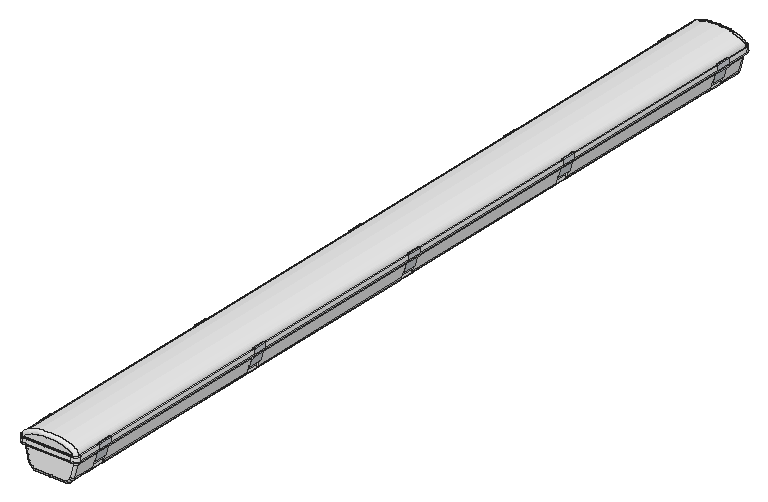
Revit family "0068086", category Lighting Fixtures, host Face, Revit 2017
Family settings
  Host = Face
  Round Connector Dimension = Use Diameter
  Part Type = Normal
  OmniClass Number = 23.80.70.11.14
  OmniClass Title = General Luminaries, Directional
  Cut with Voids When Loaded = Yes
  Light Source = Yes
  Shared = No
  Room Calculation Point = No
Parameters (values of type "0048669 ST Wtrprf T 1500 HO IP65 8300lm 865QC")
  Width = 110 mm
  Weight = "2.51 kg"
  Wattage Comments = "n/a"
  Wattage = 63 W
  WarrantyStartDate [instance] = "n/a"
  WarrantyGuarantorParts = "n/a"
  WarrantyDurationUnit = "n/a"
  WarrantyDurationParts = "n/a"
  WarrantyDescription = "n/a"
  built-in parameter 1150110 = 1 (stored number, unit not read)
  Voltage = 0 V
  URL = "http://www.sylvania-lighting.com"
  TypeName = "START Waterproof T 1500 HO IP65 8300lm 865 QC"
  Type Image = <None>
  Type Comments = "n/a"
  built-in parameter 1114217 = 1 (stored number, unit not read)
  Tilt Angle = -90.00°
  built-in parameter 1150109 = 1 (stored number, unit not read)
  built-in parameter 1150134 = 1
  built-in parameter 1150113 = 1 (stored number, unit not read)
  SerialNumber [instance] = "n/a"
  ReflectorMaterial = none
  PowerFactor = 0.99
  PowerConsumption = "67 W"
  Photometric Web File = "0068086.ies"
  NominalWidth = 0 mm
  NominalLength = 1578 mm
  NominalHeight = 78 mm
  Name = "START Waterproof T 1500 HO IP65 8300lm 865 QC"
  ModelReference = "START Waterproof T 1500 HO IP65 8300lm 865 QC"
  ModelNumber = "0048669"
  Model = "START Waterproof T 1500 HO IP65 8300lm 865 QC"
  Material = "pc polycarbonate housing, pc polycarbonate diffuser"
  ManufacturerName = "Feilo Sylvania"
  Manufacturer = "Feilo Sylvania"
  LuminousEfficacy = "124 lm/W"
  built-in parameter 1150105 = 621.66 (stored number, unit not read)
  Lumens = 7812 lm
  LuminaireType = ""
  built-in parameter 1150115 = 1 (stored number, unit not read)
  LightOutputRatio = "n/a"
  built-in parameter 1150137 = (empty or 0)
  built-in parameter 1150139 = (empty or 0)
  Length = 1572 mm
  LampsType = Lamp  # "LED"
  LampNominalLuminous = "8500 lm"
  LampMacAdamStep = "5"
  LampColourTemperature = "6500 K"
  LampColourRenderingIndex = "80"
  built-in parameter 1150112 = 1 (stored number, unit not read)
  built-in parameter 1150114 = 1 (stored number, unit not read)
  Lamp = "LED"
  Keynote = "16500"
  InstallationDate [instance] = "n/a"
  InputVoltage = "n/a"
  InputNominalFrequency = "n/a"
  built-in parameter 1150132 = (empty or 0)
  built-in parameter 1150102 = (empty or 0)
  built-in parameter 1150107 = 6500 (stored number, unit not read)
  built-in parameter 1150138 = (empty or 0)
  IngressProtection = "IP65"
  ImpactProtectionIndex = "IK08"
  built-in parameter 1150106 = 6.2166 (stored number, unit not read)
  IfcExportType = "IfcLightFixtureType"
  IfcExportAs = "IfcLightFixtureType"
  ExpectedLife = 50000
  Emit from Rectangle Width = Width - 20 mm  # 90 mm
  Emit from Rectangle Length = Length - 20 mm  # 1552 mm
  Emit Shape Visible in Rendering = no
  ElectricShockClassification = "Class I"
  built-in parameter 1150104 = 11.52 (stored number, unit not read)
  DurationUnit = "hours"
  DocumentationLiterature = "http://www.sylvania-lighting.com/product/en-int/products/0048669"
  DimmingControlOptions = "n/a"
  Dimming Lamp Color Temperature Shift = <None>
  DiffuserMaterial = Diffuser-Sylvania-Transparent
  Description = "Start Waterproof, integrated LED weatherproof luminaire, with UV stabilized flat diffuser and linear prisms designed to achieve uniform lit appearance, optimise light output and to reduce glare, stainless steel diffuser clips and fixing brackets for surface and wall mounting. Polycarbonate housing, Polycarbonate diffuser, 8300lm, 67W, 124 lm/W, 4000 K, drive current 1010 mA, non dimmable, 3 hours emergency, CRI 80, IP65, IK08, Class I, nominal average life (h): 50000, 1578mm x 110mm x 78mm, energy class: A++ A+ A, D-mark"
  Default Elevation = 1219.2 mm
  CreatedOn = "7/11/2019"
  CreatedBy = "@sylvania-lighting.com"
  Cost = 0
  Color Filter = 16777215
  built-in parameter 1114216 [instance] = (empty or 0)
  ClassificationValue = "EF_70_80"
  ClassificationName = "Uniclass2015"
  BodyMaterial = Body-Sylvania-Gray
  BarCode [instance] = "n/a"
  built-in parameter 1114218 = 1 (stored number, unit not read)
  built-in parameter 1150133 = 10 (stored number, unit not read)
  AssetType = "Fixed"
  AssetIdentifier [instance] = "n/a"
  Assembly Code = "D5020200"
  Apparent Load = 67 VA
  AccessoryMaterial = Diffuser-Sylvania-Glow
Reference planes
  plane 1 "Center (Front/Back)": y = 0
  plane 2: z = 0
  plane 3 "Center (Left/Right)": x = 0
  plane 4: z = 54
  plane 5: x = -27.7
  plane 6: x = -34.8
  plane 7: x = -39.6
  plane 8: x = -42.2
  plane 9: z = 3
  plane 10: z = 7.8
  plane 11: z = 12.3
  plane 12: z = 36.6
  plane 13: z = 42.8
  plane 14: x = -51.1
  plane 15: z = 46.2
  plane 16: x = -55
  plane 17: y = 786
  plane 18: y = -786
  plane 19: x = 27.7
  plane 20: x = 34.8
  plane 21: x = 39.6
  plane 22: x = 42.2
  plane 23: x = 51.1
  plane 24: x = 55
  plane 25: y = 778.4
  plane 26: y = -778.4
  plane 27: y = -774.7
  plane 28: y = 774.7
  plane 29: z = 74
  plane 30: x = -51.5
  plane 31: x = 51.5
  plane 32: z = 55.2
  plane 33: y = -782.5
  plane 34: y = 782.5
  plane 35: x = -37.5
  plane 36: x = 37.5
  plane 37: x = -48.7
  plane 38: x = 48.7
  plane 39: x = 18
  plane 40: x = -18
  plane 41: z = 50.2
  plane 42: z = 24.6
  plane 43: y = 720
  plane 44: y = 706
  plane 45: y = 734
  plane 46: y = -720
  plane 47: y = 720
  plane 48: y = 706
  plane 49: y = 734
  plane 50: y = -720
  plane 51: y = -734
  plane 52: y = -706
  plane 53: y = 360
  plane 54: y = 346
  plane 55: y = 374
  plane 56: y = 0
  plane 57: y = -14
  plane 58: y = 14
  plane 59: y = -360
  plane 60: y = -374
  plane 61: y = -346
Forms (mm)
  Sweep 1, solid, material "Body-Sylvania-Gray" <- "BodyMaterial", detail levels medium+fine
    path origin (1223.4, -4572, 54) x (0, -1, 0) y (1, 0, 0)
      loop
        arc (-3796, -1278.4) -> (-3788.929, -1275.471) -> (-3786, -1268.4) r 10
        line (-3786, -1268.4) -> (-3786, -1178.4)
        arc (-3786, -1178.4) -> (-3788.929, -1171.329) -> (-3796, -1168.4) r 10
        line (-3796, -1168.4) -> (-5348, -1168.4)
        arc (-5348, -1168.4) -> (-5355.071, -1171.329) -> (-5358, -1178.4) r 10
        line (-5358, -1178.4) -> (-5358, -1268.4)
        arc (-5358, -1268.4) -> (-5355.071, -1275.471) -> (-5348, -1278.4) r 10
        line (-5348, -1278.4) -> (-3796, -1278.4)
    profile origin (-55, 0, 54) x (-1, 0, 0) y (0, 0, 1)
      loop
        line (0, 0) -> (-1, 0) -> (-1, -7.726)
        arc (-1, -7.726) -> (-1.994, -9.498) -> (-3.9, -10.2) r 2.937
        line (-3.9, -10.2) -> (-8.571, -10.2) -> (-8.571, -11.2) -> (-3.9, -11.2)
        arc (-3.9, -11.2) -> (-1.313, -10.231) -> (0, -7.8) r 3.937
        line (0, -7.8) -> (0, 0)
  Sweep 2, solid, material "Body-Sylvania-Gray" <- "BodyMaterial", detail levels medium+fine
    path origin (0, 0, 0) x (1, 0, 0) y (0, 0, 1)
      loop
        line (48.7, 42.8) -> (48.7, 36.6) -> (42.203, 12.31)
        arc (42.203, 12.31) -> (41.199, 9.884) -> (39.6, 7.8) r 10.052
        line (39.6, 7.8) -> (34.8, 3)
        arc (34.8, 3) -> (31.554, 0.781) -> (27.7, 0) r 9.902
        line (27.7, 0) -> (0, 0) -> (-27.7, 0)
        arc (-27.7, 0) -> (-31.554, 0.781) -> (-34.8, 3) r 9.902
        line (-34.8, 3) -> (-39.6, 7.8)
        arc (-39.6, 7.8) -> (-41.199, 9.884) -> (-42.203, 12.31) r 10.052
        line (-42.203, 12.31) -> (-48.7, 36.6) -> (-48.7, 42.8)
    profile origin (0, 0, 0) x (0, 0, -1) y (0, -1, 0)
      loop
        arc (0, 773.4) -> (-1.464, 776.936) -> (-5, 778.4) r 5
        line (-5, 778.4) -> (-7.8, 778.4) -> (-7.8, -778.4) -> (-5, -778.4)
        arc (-5, -778.4) -> (-1.464, -776.936) -> (0, -773.4) r 5
        line (0, -773.4) -> (0, 773.4)
  Extrusion 3, solid, material "Body-Sylvania-Gray" <- "BodyMaterial", detail levels medium+fine
    sketch origin (1524, 778.4, 1219.2) x (1, 0, 0) y (0, 0, 1)
      loop
        arc (-1558.668, -1204.874) -> (-1558.443, -1205.418) -> (-1558.085, -1205.885) r 2.252
        line (-1558.085, -1205.885) -> (-1553.231, -1210.738)
        arc (-1553.231, -1210.738) -> (-1552.534, -1211.227) -> (-1551.7, -1211.4) r 2.102
        line (-1551.7, -1211.4) -> (-1496.3, -1211.4)
        arc (-1496.3, -1211.4) -> (-1495.466, -1211.227) -> (-1494.769, -1210.738) r 2.102
        line (-1494.769, -1210.738) -> (-1489.915, -1205.885)
        arc (-1489.915, -1205.885) -> (-1489.557, -1205.418) -> (-1489.332, -1204.874) r 2.252
        line (-1489.332, -1204.874) -> (-1483.1, -1181.575) -> (-1483.1, -1176.4) -> (-1564.9, -1176.4) -> (-1564.9, -1181.575) -> (-1558.668, -1204.874)
    from 0 to 1556.8
  Sweep 4, solid, material "Diffuser-Sylvania-Transparent" <- "DiffuserMaterial", detail levels medium+fine
    path origin (0, 0, 0) x (1, 0, 0) y (0, 0, 1)
      loop
        spline (-51.5, 55.2) -> (-49.745, 60.066) -> (-44.6, 64.6) -> (-36.416, 68.494) -> (-25.75, 71.481) -> (-13.329, 73.359) -> (0, 74) -> (13.329, 73.359) -> (25.75, 71.481) -> (36.416, 68.494) -> (44.6, 64.6) -> (49.745, 60.066) -> (51.5, 55.2)
    profile origin (51.5, 0, 55.2) x (0, -1, 0) y (1, 0, 0)
      loop
        arc (782.5, -5.5) -> (780.889, -1.611) -> (777, 0) r 5.5
        line (777, 0) -> (-777, 0)
        arc (-777, 0) -> (-780.889, -1.611) -> (-782.5, -5.5) r 5.5
        line (-782.5, -5.5) -> (-782.5, -6.3) -> (-781.5, -6.3) -> (-781.5, -5.5)
        arc (-781.5, -5.5) -> (-780.182, -2.318) -> (-777, -1) r 4.5
        line (-777, -1) -> (777, -1)
        arc (777, -1) -> (780.182, -2.318) -> (781.5, -5.5) r 4.5
        line (781.5, -5.5) -> (781.5, -6.347) -> (782.5, -6.347) -> (782.5, -5.5)
  Extrusion 5, solid, material "Diffuser-Sylvania-Transparent" <- "DiffuserMaterial", detail levels medium+fine
    sketch origin (1524, -782.5, 1219.2) x (1, 0, 0) y (0, 0, 1)
      loop
        line (-1569.653, -1164) -> (-1478.347, -1164)
        spline (-1478.347, -1164) -> (-1478.969, -1162.594) -> (-1482.527, -1159.545) -> (-1489.588, -1156.201) -> (-1499.458, -1153.445) -> (-1511.242, -1151.663) -> (-1524, -1151.049) -> (-1536.758, -1151.663) -> (-1548.542, -1153.445) -> (-1558.412, -1156.201) -> (-1565.473, -1159.545) -> (-1569.031, -1162.594) -> (-1569.653, -1164)
    from 0 to -1
  Extrusion 6, solid, material "Diffuser-Sylvania-Transparent" <- "DiffuserMaterial", detail levels medium+fine
    sketch origin (1524, 782.5, 1219.2) x (1, 0, 0) y (0, 0, 1)
      loop
        spline (-1478.3, -1164) -> (-1478.931, -1162.565) -> (-1482.502, -1159.505) -> (-1489.572, -1156.155) -> (-1499.446, -1153.394) -> (-1511.236, -1151.614) -> (-1524, -1151.007) -> (-1536.764, -1151.614) -> (-1548.554, -1153.394) -> (-1558.428, -1156.155) -> (-1565.498, -1159.505) -> (-1569.069, -1162.565) -> (-1569.7, -1164)
        line (-1569.7, -1164) -> (-1478.3, -1164)
    from 0 to 1
  Extrusion 7, solid, material "Diffuser-Sylvania-Transparent" <- "DiffuserMaterial", detail levels medium+fine
    sketch origin (1223.4, -4572, 55.2) x (0, -1, 0) y (-1, 0, 0)
      loop
        arc (-5353.5, 1177.4) -> (-5352.182, 1174.218) -> (-5349, 1172.9) r 4.5
        line (-5349, 1172.9) -> (-3795, 1172.9)
        arc (-3795, 1172.9) -> (-3791.818, 1174.218) -> (-3790.5, 1177.4) r 4.5
        line (-3790.5, 1177.4) -> (-3790.5, 1269.4)
        arc (-3790.5, 1269.4) -> (-3791.818, 1272.582) -> (-3795, 1273.9) r 4.5
        line (-3795, 1273.9) -> (-5349, 1273.9)
        arc (-5349, 1273.9) -> (-5352.182, 1272.582) -> (-5353.5, 1269.4) r 4.5
        line (-5353.5, 1269.4) -> (-5353.5, 1177.4)
      loop
        line (-5358, 1268.4) -> (-5358, 1178.4)
        arc (-5358, 1178.4) -> (-5355.071, 1171.329) -> (-5348, 1168.4) r 10
        line (-5348, 1168.4) -> (-3796, 1168.4)
        arc (-3796, 1168.4) -> (-3788.929, 1171.329) -> (-3786, 1178.4) r 10
        line (-3786, 1178.4) -> (-3786, 1268.4)
        arc (-3786, 1268.4) -> (-3788.929, 1275.471) -> (-3796, 1278.4) r 10
        line (-3796, 1278.4) -> (-5348, 1278.4)
        arc (-5348, 1278.4) -> (-5355.071, 1275.471) -> (-5358, 1268.4) r 10
    from 0 to 1.2
  Extrusion 8, solid, material "Diffuser-Sylvania-Glow" <- "AccessoryMaterial", detail levels fine
    sketch origin (0, 0, 0) x (1, 0, 0) y (0, 0, 1)
      loop
        circle (-18, 50.2) r 8
      loop
        circle (18, 50.2) r 8
    from -774.7 to 774.7
  Extrusion 9, void
    sketch origin (0, 720, 2343.807) x (0, 0, -1) y (-1, 0, 0)
      loop
        line (2340.807, -37.5) -> (2331.507, -37.5) -> (2319.207, -42.2) -> (2319.207, -48.7) -> (2340.807, -48.7) -> (2340.807, -37.5)
      loop
        line (2340.807, 37.5) -> (2340.807, 48.7) -> (2319.207, 48.7) -> (2319.207, 42.2) -> (2331.507, 37.5) -> (2340.807, 37.5)
    from -14 to 14
  Extrusion 10, solid, material "Body-Sylvania-Gray" <- "BodyMaterial", detail levels coarse
    sketch origin (0, 0, 0) x (1, 0, 0) y (0, 0, 1)
      loop
        line (55, 42.8) -> (55, 55.2) -> (-55, 55.2) -> (-55, 42.791) -> (-42.2, 0) -> (42.2, 0) -> (55, 42.8)
    from -786 to 786
  Extrusion 11, solid, material "Diffuser-Sylvania-Transparent" <- "DiffuserMaterial", detail levels coarse
    sketch origin (0, 0, 0) x (1, 0, 0) y (0, 0, 1)
      loop
        arc (51.5, 55.2) -> (0, 74) -> (-51.5, 55.2) r 79.939
        line (-51.5, 55.2) -> (51.5, 55.2)
    from 778.4 to -778.4
  Extrusion 12, void, not visible
    sketch origin (0, 720, 2343.807) x (0, 0, -1) y (-1, 0, 0)
      loop
        line (2340.807, -37.5) -> (2331.507, -37.5) -> (2319.207, -42.2) -> (2319.207, -48.7) -> (2340.807, -48.7) -> (2340.807, -37.5)
      loop
        line (2340.807, 37.5) -> (2340.807, 48.7) -> (2319.207, 48.7) -> (2319.207, 42.2) -> (2331.507, 37.5) -> (2340.807, 37.5)
    from -14 to 14
  Extrusion 13, void
    sketch origin (0, -720, 2343.807) x (0, 0, -1) y (-1, 0, 0)
      loop
        line (2340.807, -37.5) -> (2331.507, -37.5) -> (2319.207, -42.2) -> (2319.207, -48.7) -> (2340.807, -48.7) -> (2340.807, -37.5)
      loop
        line (2340.807, 37.5) -> (2340.807, 48.7) -> (2319.207, 48.7) -> (2319.207, 42.2) -> (2331.507, 37.5) -> (2340.807, 37.5)
    from -14 to 14
  Extrusion 14, void
    sketch origin (0, 360, 2343.807) x (0, 0, -1) y (-1, 0, 0)
      loop
        line (2340.807, -37.5) -> (2331.507, -37.5) -> (2319.207, -42.2) -> (2319.207, -48.7) -> (2340.807, -48.7) -> (2340.807, -37.5)
      loop
        line (2340.807, 37.5) -> (2340.807, 48.7) -> (2319.207, 48.7) -> (2319.207, 42.2) -> (2331.507, 37.5) -> (2340.807, 37.5)
    from -14 to 14
  Extrusion 15, void
    sketch origin (0, 0, 2343.807) x (0, 0, -1) y (-1, 0, 0)
      loop
        line (2340.807, -37.5) -> (2331.507, -37.5) -> (2319.207, -42.2) -> (2319.207, -48.7) -> (2340.807, -48.7) -> (2340.807, -37.5)
      loop
        line (2340.807, 37.5) -> (2340.807, 48.7) -> (2319.207, 48.7) -> (2319.207, 42.2) -> (2331.507, 37.5) -> (2340.807, 37.5)
    from -14 to 14
  Extrusion 16, void
    sketch origin (0, -360, 2343.807) x (0, 0, -1) y (-1, 0, 0)
      loop
        line (2340.807, -37.5) -> (2331.507, -37.5) -> (2319.207, -42.2) -> (2319.207, -48.7) -> (2340.807, -48.7) -> (2340.807, -37.5)
      loop
        line (2340.807, 37.5) -> (2340.807, 48.7) -> (2319.207, 48.7) -> (2319.207, 42.2) -> (2331.507, 37.5) -> (2340.807, 37.5)
    from -14 to 14
Cuts and joins
  Extrusion 9, Extrusion 13, Extrusion 14, Extrusion 15, Extrusion 16 cuts Sweep 2
  Extrusion 13, Extrusion 14, Extrusion 15, Extrusion 16 cuts Extrusion 3
  joined: Sweep 2, Extrusion 3
  joined: Sweep 4, Extrusion 5, Extrusion 6
Dimensions and locks
  locked: plane 4 to plane 2 at 54
  plane 5 to plane 6 to plane 7 to plane 8 to plane 14 to plane 16 = 7.1 mm locked, 4.8 mm locked, 2.6 mm locked, 8.9 mm, 3.9 mm
  plane 4 to plane 15 to plane 13 to plane 12 to plane 11 to plane 10 to plane 9 = 7.8 mm locked, 3.4 mm, 6.2 mm locked, 24.3 mm locked, 4.5 mm locked, 4.8 mm locked
  equal spacing: plane 18, plane 1 "Center (Front/Back)", plane 17
  "Length": plane 18 to plane 17
  plane 19 to plane 20 to plane 21 to plane 22 to plane 23 to plane 24 = 7.1 mm locked, 4.8 mm locked, 2.6 mm locked, 8.9 mm, 3.9 mm
  equal spacing: plane 24, plane 3 "Center (Left/Right)", plane 16
  "Width": plane 24 to plane 16
  equal spacing: plane 27, plane 1 "Center (Front/Back)", plane 28
  locked: plane 26 to plane 27 at 3.7
  locked: Sweep 1 sketch curve to profile plane at 1
  locked: Sweep 1 sketch curve to plane 13 at 1
  locked: Sweep 1 sketch curve to plane 13 at 3.937  (x2)
  locked: Sweep 1 sketch curve to profile plane at 3.9  (x2)
  locked: plane 29 to plane 4 at 20
  equal spacing: plane 31, plane 3 "Center (Left/Right)", plane 30
  locked: plane 30 to plane 16 at 3.5
  locked: plane 32 to plane 4 at 1.2
  equal spacing: plane 33, plane 1 "Center (Front/Back)", plane 34
  equal spacing: plane 36, plane 3 "Center (Left/Right)", plane 35
  locked: plane 3 "Center (Left/Right)" to plane 35 at 37.5
  locked: plane 34 to plane 17 at 3.5
  equal spacing: plane 38, plane 3 "Center (Left/Right)", plane 37
  locked: plane 37 to plane 16 at 6.3
  equal spacing: plane 25, plane 1 "Center (Front/Back)", plane 26
  locked: plane 17 to plane 25 at 7.6
  locked: Sweep 2 sketch curve to plane 2 at 5  (x2)
  locked: Sweep 2 sketch curve to plane 26 at 5
  locked: plane 25 to Sweep 2 sketch curve at 5
  locked: Sweep 4 sketch curve to plane 31 at 5.5  (x2)
  locked: Sweep 4 sketch curve to plane 34 at 5.5
  plane 33 to Sweep 4 sketch curve = 5.5 mm
  locked: plane 34 to Sweep 4 sketch curve at 1
  locked: Sweep 4 sketch curve to plane 31 at 1
  locked: Sweep 4 sketch curve to Sweep 4 sketch curve at 1
  locked: Sweep 4 sketch curve to plane 31 at 6.347
  locked: Sweep 4 sketch curve to plane 31 at 6.3
  equal spacing: plane 39, plane 3 "Center (Left/Right)", plane 40
  locked: plane 3 "Center (Left/Right)" to plane 40 at 18
  locked: plane 42 to plane 2 at 24.6
  plane 45 to plane 43 to plane 44 = 14 mm locked, 14 mm locked
  locked: plane 17 to plane 43 at 66
  equal spacing: plane 43, plane 1 "Center (Front/Back)", plane 46
  plane 49 to plane 47 to plane 48 = 14 mm locked, 14 mm locked
  plane 52 to plane 50 to plane 51 = 14 mm locked, 14 mm locked  (x2)
  equal spacing: group 1, group 6, group 7, group 8, group 5  (x2)
  equal spacing: group 5, group 8, group 7, group 6, group 1
  plane 55 to plane 53 to plane 54 = 14 mm locked, 14 mm locked  (x2)
  plane 58 to plane 56 to plane 57 = 14 mm locked, 14 mm locked  (x2)
  plane 61 to plane 59 to plane 60 = 14 mm locked, 14 mm locked  (x2)
  plane 43 to plane 53 to plane 1 "Center (Front/Back)" to plane 59 to plane 50 = 360 mm locked, 360 mm locked, 360 mm locked, 360 mm locked
  aligned and locked: plane 2 to host face
  aligned and locked: level to host face
  aligned and locked: plane 16 to Sweep 1 sketch curve
  aligned and locked: Sweep 1 sketch curve to plane 24
  aligned and locked: plane 18 to Sweep 1 sketch curve
  aligned and locked: Sweep 1 sketch curve to plane 13
  aligned and locked: profile plane to Sweep 1 sketch curve
  aligned and locked: plane 3 "Center (Left/Right)" to Sweep 2 sketch curve
  aligned and locked: plane 9 to Sweep 2 sketch curve
  aligned and locked: plane 10 to Sweep 2 sketch curve
  aligned and locked: plane 37 to Sweep 2 sketch curve
  aligned and locked: plane 12 to Sweep 2 sketch curve
  aligned and locked: Sweep 2 sketch curve to level
  aligned and locked: plane 21 to Sweep 2 sketch curve
  aligned and locked: plane 38 to Sweep 2 sketch curve
  aligned and locked: profile plane to Sweep 2 sketch curve
  aligned and locked: plane 25 to Sweep 2 sketch curve
  aligned and locked: Sweep 2 sketch curve to plane 10
  aligned and locked: Extrusion 3 sketch curve to Sweep 2  (x7)
  aligned and locked: Sweep 2 to Extrusion 3 sketch curve
  aligned and locked: Extrusion 3 to plane 25
  aligned and locked: plane 26 to Extrusion 3
  aligned and locked: plane 32 to Sweep 4 sketch curve
  aligned and locked: plane 33 to Sweep 4 sketch curve
  aligned and locked: Sweep 4 to Extrusion 5
  aligned and locked: plane 33 to Extrusion 5
  aligned and locked: Extrusion 5 sketch curve to Sweep 4
  aligned and locked: cut or joined group of Sweep 4, Extrusion 5, Extrusion 6 to Extrusion 6 sketch curve
  aligned and locked: Extrusion 7 sketch curve to cut or joined group of Sweep 4, Extrusion 5, Extrusion 6  (x2)
  aligned and locked: cut or joined group of Sweep 4, Extrusion 5, Extrusion 6 to Extrusion 7 sketch curve  (x2)
  aligned and locked: plane 41 to Extrusion 8 sketch curve  (x2)
  aligned and locked: plane 39 to Extrusion 8 sketch curve
  aligned and locked: plane 27 to Extrusion 8
  aligned and locked: Extrusion 8 to plane 28
  aligned and locked: Extrusion 9 to plane 42
  aligned and locked: plane 9 to Extrusion 9
  aligned and locked: plane 44 to Extrusion 9
  aligned and locked: Extrusion 9 to plane 45
  aligned and locked: Extrusion 7 sketch curve to Sweep 1  (x4)
  aligned and locked: plane 4 to Extrusion 7
  aligned and locked: Extrusion 7 to plane 32
  aligned and locked: nested 2 to plane 43
  aligned and locked: plane 43 to nested 1
  aligned and locked: Extrusion 10 sketch curve to plane 24
  aligned and locked: Extrusion 10 sketch curve to Extrusion 7
  aligned and locked: plane 8 to Extrusion 10 sketch curve
  aligned and locked: plane 22 to Extrusion 10 sketch curve
  aligned and locked: level to Extrusion 10 sketch curve
  aligned and locked: Extrusion 10 to plane 17
  aligned and locked: plane 18 to Extrusion 10
  aligned and locked: cut or joined group of Sweep 4, Extrusion 5, Extrusion 6 to Extrusion 11 sketch curve
  aligned and locked: Extrusion 11 sketch curve to cut or joined group of Sweep 4, Extrusion 5, Extrusion 6  (x2)
  aligned and locked: plane 31 to Extrusion 11 sketch curve
  aligned and locked: plane 30 to Extrusion 11 sketch curve
  aligned and locked: plane 26 to Extrusion 11
  aligned and locked: Extrusion 11 to plane 25
  aligned and locked: imposter light to plane 29
  aligned and locked: plane 3 "Center (Left/Right)" to imposter light
  aligned and locked: plane 1 "Center (Front/Back)" to imposter light
  aligned and locked: plane 51 to Extrusion 13
  aligned and locked: Extrusion 13 to plane 52
  aligned and locked: plane 54 to Extrusion 14
  aligned and locked: Extrusion 14 to plane 55
  aligned and locked: plane 57 to Extrusion 15
  aligned and locked: Extrusion 15 to plane 58
  aligned and locked: plane 60 to Extrusion 16
  aligned and locked: Extrusion 16 to plane 61
  aligned and locked: nested 3 to plane 53
  aligned and locked: plane 53 to nested 10
  aligned and locked: nested 4 to plane 56
  aligned and locked: plane 56 to nested 9
  aligned and locked: nested 5 to plane 59
  aligned and locked: plane 59 to nested 8
  aligned and locked: nested 6 to plane 50
  aligned and locked: plane 50 to nested 7
Automatic sketch dimensions
  host sketch curve to host sketch curve = 2438.4 mm  (x2)
  plane 17 to Sweep 1 sketch curve = 0 mm
  Sweep 1 sketch curve to plane 28 = 1.3 mm
  Sweep 1 sketch curve to plane 7 = 5.4 mm
  plane 27 to Sweep 1 sketch curve = 1.3 mm  (x2)
  Sweep 1 sketch curve to Sweep 1 sketch curve = 4.671 mm
  Sweep 1 sketch curve to plane 4 = 0 mm
  Sweep 2 sketch curve to plane 7 = 0 mm
  Sweep 2 sketch curve to plane 6 = 0 mm
  Sweep 2 sketch curve to plane 5 = 0 mm
  plane 19 to Sweep 2 sketch curve = 0 mm
  Sweep 2 sketch curve to plane 9 = 0 mm
  plane 20 to Sweep 2 sketch curve = 0 mm
  Sweep 2 sketch curve to plane 12 = 0 mm
  Sweep 2 sketch curve to plane 10 = 0 mm
  Sweep 2 sketch curve to plane 13 = 0 mm  (x2)
  Sweep 2 sketch curve to plane 8 = 0.003 mm
  plane 6 to Sweep 2 sketch curve = 2.308 mm
  plane 20 to Sweep 2 sketch curve = 2.308 mm
  Sweep 2 sketch curve to plane 22 = 0.003 mm
  Sweep 2 sketch curve to plane 11 = 0.01 mm  (x2)
  Extrusion 3 sketch curve to plane 5 = 0 mm
  plane 19 to Extrusion 3 sketch curve = 0 mm
  plane 6 to Extrusion 3 sketch curve = 0.132 mm
  plane 6 to Extrusion 3 sketch curve = 0.715 mm
  Extrusion 3 sketch curve to Extrusion 3 sketch curve = 1.592 mm
  Extrusion 3 sketch curve to plane 10 = 0.662 mm  (x2)
  plane 20 to Extrusion 3 sketch curve = 2.308 mm
  plane 20 to Extrusion 3 sketch curve = 0.715 mm
  plane 20 to Extrusion 3 sketch curve = 0.132 mm
  Sweep 4 sketch curve to plane 30 = 0 mm
  Sweep 4 sketch curve to plane 3 "Center (Left/Right)" = 0 mm
  Sweep 4 sketch curve to Sweep 4 sketch curve = 0 mm  (x2)
  plane 37 to Extrusion 5 sketch curve = 3.047 mm
  Extrusion 5 sketch curve to plane 38 = 3.047 mm
  plane 37 to Extrusion 6 sketch curve = 3 mm
  Extrusion 6 sketch curve to plane 38 = 3 mm
  plane 25 to Extrusion 7 sketch curve = 1.4 mm  (x2)
  Extrusion 7 sketch curve to plane 26 = 1.4 mm  (x2)
  Extrusion 8 sketch curve to plane 40 = 0 mm
  Extrusion 9 sketch curve to Extrusion 9 sketch curve = 0 mm
  Extrusion 9 sketch curve to Extrusion 9 sketch curve = 12.3 mm  (x2)
  Extrusion 9 sketch curve to Extrusion 9 sketch curve = 9.3 mm  (x2)
  Extrusion 9 sketch curve to Extrusion 9 sketch curve = 6.5 mm
  Extrusion 9 sketch curve to Extrusion 9 sketch curve = 4.7 mm  (x2)
  Extrusion 9 sketch curve to Extrusion 9 sketch curve = 75 mm
  Extrusion 9 sketch curve to Extrusion 9 sketch curve = 11.2 mm
  Extrusion 10 sketch curve to plane 13 = 0 mm
  plane 13 to Extrusion 10 sketch curve = 0.009 mm
  Extrusion 11 sketch curve to level = 5.939 mm
  Extrusion 10 sketch curve to plane 16 = 0 mm
  Extrusion 12 sketch curve to Extrusion 12 sketch curve = 0 mm
  Extrusion 12 sketch curve to Extrusion 12 sketch curve = 12.3 mm  (x2)
  Extrusion 12 sketch curve to Extrusion 12 sketch curve = 9.3 mm  (x2)
  Extrusion 12 sketch curve to Extrusion 12 sketch curve = 6.5 mm
  Extrusion 12 sketch curve to Extrusion 12 sketch curve = 4.7 mm  (x2)
  Extrusion 12 sketch curve to Extrusion 12 sketch curve = 75 mm
  Extrusion 12 sketch curve to Extrusion 12 sketch curve = 11.2 mm
  Extrusion 13 sketch curve to Extrusion 13 sketch curve = 0 mm
  Extrusion 13 sketch curve to Extrusion 13 sketch curve = 12.3 mm  (x2)
  Extrusion 13 sketch curve to Extrusion 13 sketch curve = 9.3 mm  (x2)
  Extrusion 13 sketch curve to Extrusion 13 sketch curve = 6.5 mm
  Extrusion 13 sketch curve to Extrusion 13 sketch curve = 4.7 mm  (x2)
  Extrusion 13 sketch curve to Extrusion 13 sketch curve = 75 mm
  Extrusion 13 sketch curve to Extrusion 13 sketch curve = 11.2 mm
  Extrusion 14 sketch curve to Extrusion 14 sketch curve = 0 mm
  Extrusion 14 sketch curve to Extrusion 14 sketch curve = 12.3 mm  (x2)
  Extrusion 14 sketch curve to Extrusion 14 sketch curve = 9.3 mm  (x2)
  Extrusion 14 sketch curve to Extrusion 14 sketch curve = 6.5 mm
  Extrusion 14 sketch curve to Extrusion 14 sketch curve = 4.7 mm  (x2)
  Extrusion 14 sketch curve to Extrusion 14 sketch curve = 75 mm
  Extrusion 14 sketch curve to Extrusion 14 sketch curve = 11.2 mm
  Extrusion 15 sketch curve to Extrusion 15 sketch curve = 0 mm
  Extrusion 15 sketch curve to Extrusion 15 sketch curve = 12.3 mm  (x2)
  Extrusion 15 sketch curve to Extrusion 15 sketch curve = 9.3 mm  (x2)
  Extrusion 15 sketch curve to Extrusion 15 sketch curve = 6.5 mm
  Extrusion 15 sketch curve to Extrusion 15 sketch curve = 4.7 mm  (x2)
  Extrusion 15 sketch curve to Extrusion 15 sketch curve = 75 mm
  Extrusion 15 sketch curve to Extrusion 15 sketch curve = 11.2 mm
  Extrusion 16 sketch curve to Extrusion 16 sketch curve = 0 mm
  Extrusion 16 sketch curve to Extrusion 16 sketch curve = 12.3 mm  (x2)
  Extrusion 16 sketch curve to Extrusion 16 sketch curve = 9.3 mm  (x2)
  Extrusion 16 sketch curve to Extrusion 16 sketch curve = 6.5 mm
  Extrusion 16 sketch curve to Extrusion 16 sketch curve = 4.7 mm  (x2)
  Extrusion 16 sketch curve to Extrusion 16 sketch curve = 75 mm
  Extrusion 16 sketch curve to Extrusion 16 sketch curve = 11.2 mm
  radius of Extrusion 8 sketch curve = 8 mm  (x2)
Nested families
  nested 1: "Clip" at (42.2, 720, 24.6), type "Clip", detail levels fine
  nested 2: "Clip" at (-42.2, 720, 24.6) x (-1, 0, 0) z (0, 0, 1), type "Clip", detail levels fine
  nested 3: "Clip" at (-42.2, 360, 24.6) x (-1, 0, 0) z (0, 0, 1), type "Clip", detail levels fine
  nested 4: "Clip" at (-42.2, 0, 24.6) x (-1, 0, 0) z (0, 0, 1), type "Clip", detail levels fine
  nested 5: "Clip" at (-42.2, -360, 24.6) x (-1, 0, 0) z (0, 0, 1), type "Clip", detail levels fine
  nested 6: "Clip" at (-42.2, -720, 24.6) x (-1, 0, 0) z (0, 0, 1), type "Clip", detail levels fine
  nested 7: "Clip" at (42.2, -720, 24.6), type "Clip", detail levels fine
  nested 8: "Clip" at (42.2, -360, 24.6), type "Clip", detail levels fine
  nested 9: "Clip" at (42.2, 0, 24.6), type "Clip", detail levels fine
  nested 10: "Clip" at (42.2, 360, 24.6), type "Clip", detail levels fine
Connectors
  electrical at (0, 0, 0), driven by "Apparent Load"
    settings: index 1, voltage 230 V, apparent load 67 VA, apparent load phase1 0 VA, apparent load phase2 0 VA, apparent load phase3 0 VA, power factor 0, load classification "Lighting", number of poles 1, system type 30, power factor state 1, is connector primary yes, connector utility no, sub classification motor no, connector description ""
Definition of nested family "Clip"
  Parameters (values of type "Clip")
    URL = "http://www.feilosylvania.com"
    Type Comments = "n/a"
    Model = "n/a"
    Manufacturer = "Feilo Sylvania"
    Keynote = "n/a"
    Description = "n/a"
    Default Elevation = 1219.2 mm
    Cost = 0
    BodyMaterial = none
    Assembly Code = "n/a"
  Reference planes
    plane 1 "Center (Front/Back)": y = 0
    plane 2: z = 0
    plane 3 "Center (Left/Right)": x = 0
    plane 4: x = 3.3
    plane 5: x = 6.5
    plane 6: x = 8.9
    plane 7: x = 12.8
    plane 8: z = 12
    plane 9: z = 18.2
    plane 10: z = 21.6
    plane 11: z = 30.6
    plane 12: x = 9.3
    plane 13: z = 19.2
    plane 14: z = 16.2
    plane 15: x = 10.1
    plane 16: y = 12
    plane 17: y = -12
  Forms (mm)
    Extrusion 1, solid
      sketch origin (-0.8, 0, 0) x (1, 0, 0) y (0, 1, 0)
        loop
          line (-1219.2, 1219.2) -> (-1219.2, -1219.2) -> (1219.2, -1219.2) -> (1219.2, 1219.2) -> (-1219.2, 1219.2)
      from 0 to -304.8
    Extrusion 2, solid
      sketch origin (0, 0, 0) x (1, 0, 0) y (0, 0, 1)
        loop
          line (8.9, 16.2) -> (4.58, 0) -> (0, 0) -> (0, -0.8) -> (5.195, -0.8) -> (9.603, 15.731) -> (13.6, 18.806) -> (13.6, 30.6)
          arc (13.6, 30.6) -> (11.45, 32.75) -> (9.3, 30.6) r 2.15
          line (9.3, 30.6) -> (10.1, 30.6)
          arc (10.1, 30.6) -> (11.45, 31.95) -> (12.8, 30.6) r 1.35
          line (12.8, 30.6) -> (12.8, 19.2) -> (8.9, 16.2)
      from -12 to 12
  Lines and regions (mm)
    reference lines
      curve 1: line (3.3, 0, 0) -> (6.5, 0, 12)
      curve 2: arc (8.9, 0, 18.2) -> (11.488, 0, 19.169) -> (12.8, 0, 21.6) r 3.934
  Dimensions and locks
    plane 7 to plane 6 to plane 5 to plane 4 to plane 3 "Center (Left/Right)" = 3.9 mm locked, 2.4 mm locked, 3.2 mm locked, 3.3 mm locked
    plane 11 to plane 10 to plane 9 to plane 8 to plane 2 = 9 mm locked, 3.4 mm locked, 6.2 mm locked, 12 mm locked
    locked: plane 7 to plane 12 at 3.5
    locked: plane 13 to plane 9 at 1
    locked: plane 9 to plane 14 at 2
    locked: plane 15 to plane 12 at 0.8
    locked: plane 2 to Extrusion 2 sketch curve at 0.8
    locked: Extrusion 2 sketch curve to Extrusion 2 sketch curve at 0.8  (x3)
    locked: plane 7 to Extrusion 2 sketch curve at 1.35
    equal spacing: plane 17, plane 1 "Center (Front/Back)", plane 16
    locked: plane 1 "Center (Front/Back)" to plane 16 at 12
    aligned and locked: plane 2 to Extrusion 1
    aligned and locked: level to Extrusion 1
    aligned and locked: plane 4 to curve 1
    aligned and locked: plane 5 to curve 1
    aligned and locked: plane 6 to curve 2
    aligned and locked: plane 10 to curve 2
    aligned and locked: plane 14 to Extrusion 2 sketch curve
    aligned and locked: plane 13 to Extrusion 2 sketch curve
    aligned and locked: plane 7 to Extrusion 2 sketch curve
    aligned and locked: plane 3 "Center (Left/Right)" to Extrusion 2 sketch curve
    aligned and locked: Extrusion 2 sketch curve to level
    aligned and locked: Extrusion 2 sketch curve to plane 11
    aligned and locked: plane 11 to Extrusion 2 sketch curve
    aligned and locked: Extrusion 2 to plane 16
    aligned and locked: plane 17 to Extrusion 2
  Automatic sketch dimensions
    Extrusion 1 sketch curve to Extrusion 1 sketch curve = 2438.4 mm  (x2)
    curve 2 to plane 7 = 0 mm
    curve 1 to level = 0 mm
    curve 1 to plane 8 = 0 mm
    curve 2 to plane 9 = 0 mm
    plane 6 to curve 2 = 0.002 mm
    Extrusion 2 sketch curve to Extrusion 2 sketch curve = 0 mm
    Extrusion 2 sketch curve to plane 6 = 0 mm
    plane 4 to Extrusion 2 sketch curve = 1.28 mm
